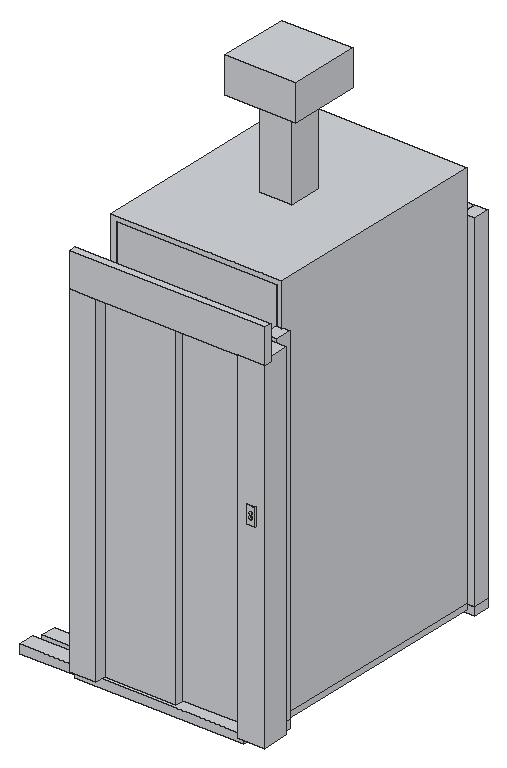
Revit family "Elevador - Entrada frontal e posterior", category Equipamento especial, Revit 2019 (continued)
Definition of nested family "Cabine do elevador - Entrada frontal e posterior"
  Automatic sketch dimensions
    Masking region 7 sketch curve to Masking region 7 sketch curve = 135.471 mm  (x2)
    Masking region 7 sketch curve to Masking region 7 sketch curve = 383.522 mm
    Masking region 7 sketch curve to Masking region 7 sketch curve = 194.943 mm
    Masking region 7 sketch curve to Masking region 7 sketch curve = 52.955 mm  (x2)
    Masking region 7 sketch curve to Masking region 7 sketch curve = 81.283 mm
    Masking region 7 sketch curve to Masking region 7 sketch curve = 230.301 mm
    Masking region 7 sketch curve to Masking region 7 sketch curve = 94.83 mm  (x2)
    Masking region 7 sketch curve to Masking region 7 sketch curve = 13.548 mm
    Masking region 7 sketch curve to Masking region 7 sketch curve = 27.067 mm
    Masking region 7 sketch curve to Masking region 7 sketch curve = 28.952 mm
    Masking region 7 sketch curve to Masking region 7 sketch curve = 67.669 mm  (x4)
    Masking region 7 sketch curve to Masking region 7 sketch curve = 65.785 mm
    Masking region 7 sketch curve to Masking region 7 sketch curve = 40.601 mm  (x2)
    Masking region 7 sketch curve to Masking region 7 sketch curve = 54.135 mm  (x2)
    Masking region 7 sketch curve to Masking region 7 sketch curve = 135.338 mm
    Masking region 7 sketch curve to Masking region 7 sketch curve = 108.27 mm
    Masking region 7 sketch curve to Masking region 7 sketch curve = 351.878 mm
    Masking region 7 sketch curve to Masking region 7 sketch curve = 189.472 mm
    Masking region 7 sketch curve to Masking region 7 sketch curve = 175.939 mm
    Masking region 9 sketch curve to Masking region 9 sketch curve = 162.566 mm
    Masking region 9 sketch curve to Masking region 9 sketch curve = 108.27 mm
    Masking region 9 sketch curve to Masking region 9 sketch curve = 135.338 mm  (x2)
    Masking region 9 sketch curve to Masking region 9 sketch curve = 291.873 mm
    Masking region 9 sketch curve to Masking region 9 sketch curve = 297.743 mm
    Masking region 9 sketch curve to Masking region 9 sketch curve = 129.308 mm
    Masking region 7 sketch curve to Masking region 7 sketch curve = 581.952 mm
    Masking region 10 sketch curve to Masking region 10 sketch curve = 108.27 mm
    Masking region 7 sketch curve to Masking region 7 sketch curve = 1017.268 mm
    Masking region 10 sketch curve to Masking region 10 sketch curve = 162.566 mm
    Masking region 9 sketch curve to Masking region 9 sketch curve = 435.597 mm
    Masking region 9 sketch curve to Masking region 9 sketch curve = 214.119 mm  (x2)
    Masking region 9 sketch curve to Masking region 9 sketch curve = 446.614 mm
    Masking region 9 sketch curve to Masking region 9 sketch curve = 123.546 mm
    Masking region 9 sketch curve to Masking region 9 sketch curve = 89.555 mm  (x2)
    Masking region 9 sketch curve to Masking region 9 sketch curve = 176.543 mm
    Masking region 9 sketch curve to Masking region 9 sketch curve = 0 mm
    Masking region 9 sketch curve to Masking region 9 sketch curve = 245.082 mm
    Masking region 9 sketch curve to Masking region 9 sketch curve = 93.557 mm
    Masking region 9 sketch curve to Masking region 9 sketch curve = 26.54 mm
    Masking region 9 sketch curve to Masking region 9 sketch curve = 209.756 mm
    Masking region 14 sketch curve to Masking region 14 sketch curve = 259 mm
    Masking region 14 sketch curve to Masking region 14 sketch curve = 1086 mm
    Masking region 15 sketch curve to Masking region 15 sketch curve = 259 mm
    Masking region 15 sketch curve to Masking region 15 sketch curve = 1086 mm
    curve 181 to plane 41 = 0 mm
    plane 53 to curve 169 = 0 mm
    curve 107 to plane 21 = 307.807 mm
    plane 56 to curve 167 = 0.867 mm
    plane 56 to curve 168 = 0.867 mm
    curve 29 to plane 13 = 0 mm
    curve 21 to plane 8 = 0 mm
    Masking region 16 sketch curve to Masking region 16 sketch curve = 8 mm
    Masking region 16 sketch curve to Masking region 16 sketch curve = 0 mm  (x5)
    Masking region 16 sketch curve to Masking region 16 sketch curve = 27 mm  (x3)
    Masking region 16 sketch curve to Masking region 16 sketch curve = 32.65 mm
    Masking region 16 sketch curve to Masking region 16 sketch curve = 30 mm
    Masking region 16 sketch curve to Masking region 16 sketch curve = 9.35 mm  (x2)
    Masking region 16 sketch curve to Masking region 16 sketch curve = 9 mm  (x3)
    Masking region 16 sketch curve to Masking region 16 sketch curve = 5 mm  (x2)
    Masking region 16 sketch curve to Masking region 16 sketch curve = 8.5 mm  (x2)
    Masking region 16 sketch curve to Masking region 16 sketch curve = 17.5 mm
    Masking region 16 sketch curve to Masking region 16 sketch curve = 30.5 mm  (x2)
    Masking region 16 sketch curve to Masking region 16 sketch curve = 6 mm  (x2)
    Masking region 16 sketch curve to Masking region 16 sketch curve = 36.5 mm
    Masking region 17 sketch curve to Masking region 17 sketch curve = 5 mm  (x2)
    Masking region 17 sketch curve to Masking region 17 sketch curve = 8.5 mm  (x2)
    Masking region 17 sketch curve to Masking region 17 sketch curve = 17.5 mm
    Masking region 17 sketch curve to Masking region 17 sketch curve = 30.5 mm  (x2)
    Masking region 17 sketch curve to Masking region 17 sketch curve = 6 mm  (x2)
    Masking region 17 sketch curve to Masking region 17 sketch curve = 9 mm  (x3)
    Masking region 17 sketch curve to Masking region 17 sketch curve = 27 mm  (x3)
    Masking region 17 sketch curve to Masking region 17 sketch curve = 36.5 mm
    Masking region 17 sketch curve to Masking region 17 sketch curve = 0 mm  (x5)
    Masking region 17 sketch curve to Masking region 17 sketch curve = 8 mm
    Masking region 17 sketch curve to Masking region 17 sketch curve = 32.65 mm
    Masking region 17 sketch curve to Masking region 17 sketch curve = 30 mm
    Masking region 17 sketch curve to Masking region 17 sketch curve = 9.35 mm  (x2)
    Masking region 18 sketch curve to Masking region 18 sketch curve = 8 mm
    Masking region 18 sketch curve to Masking region 18 sketch curve = 0 mm  (x5)
    Masking region 18 sketch curve to Masking region 18 sketch curve = 27 mm  (x3)
    Masking region 18 sketch curve to Masking region 18 sketch curve = 32.65 mm
    Masking region 18 sketch curve to Masking region 18 sketch curve = 30 mm
    Masking region 18 sketch curve to Masking region 18 sketch curve = 9.35 mm  (x2)
    Masking region 18 sketch curve to Masking region 18 sketch curve = 9 mm  (x3)
    Masking region 18 sketch curve to Masking region 18 sketch curve = 5 mm  (x2)
    Masking region 18 sketch curve to Masking region 18 sketch curve = 8.5 mm  (x2)
    Masking region 18 sketch curve to Masking region 18 sketch curve = 17.5 mm
    Masking region 18 sketch curve to Masking region 18 sketch curve = 30.5 mm  (x2)
    Masking region 18 sketch curve to Masking region 18 sketch curve = 6 mm  (x2)
    Masking region 18 sketch curve to Masking region 18 sketch curve = 36.5 mm
    Masking region 19 sketch curve to Masking region 19 sketch curve = 5 mm  (x2)
    Masking region 19 sketch curve to Masking region 19 sketch curve = 8.5 mm  (x2)
    Masking region 19 sketch curve to Masking region 19 sketch curve = 17.5 mm
    Masking region 19 sketch curve to Masking region 19 sketch curve = 30.5 mm  (x2)
    Masking region 19 sketch curve to Masking region 19 sketch curve = 6 mm  (x2)
    Masking region 19 sketch curve to Masking region 19 sketch curve = 9 mm  (x3)
    Masking region 19 sketch curve to Masking region 19 sketch curve = 27 mm  (x3)
    Masking region 19 sketch curve to Masking region 19 sketch curve = 36.5 mm
    Masking region 19 sketch curve to Masking region 19 sketch curve = 0 mm  (x5)
    Masking region 19 sketch curve to Masking region 19 sketch curve = 8 mm
    Masking region 19 sketch curve to Masking region 19 sketch curve = 32.65 mm
    Masking region 19 sketch curve to Masking region 19 sketch curve = 30 mm
    Masking region 19 sketch curve to Masking region 19 sketch curve = 9.35 mm  (x2)
    Extrusion 5 sketch curve to plane 9 = 0 mm
    Extrusion 5 sketch curve to plane 10 = 0 mm
    Extrusion 5 sketch curve to plane 33 = 0 mm
    Extrusion 7 sketch curve to plane 9 = 0 mm
    Extrusion 7 sketch curve to level = 0 mm
    curve 186 to curve 200 = 26 mm
    curve 191 to curve 334 = 57.006 mm
    curve 189 to curve 332 = 57.006 mm
    curve 336 to curve 197 = 14.494 mm
    curve 197 to curve 337 = 14.506 mm
    curve 189 to curve 329 = 14.506 mm
    curve 336 to curve 199 = 6 mm
    curve 329 to curve 330 = 12 mm
    curve 337 to curve 338 = 12 mm
    curve 338 to curve 197 = 14.494 mm
    curve 193 to curve 341 = 14.506 mm
    curve 330 to curve 326 = 29 mm
    curve 335 to curve 201 = 35.994 mm
    curve 194 to curve 187 = 20 mm
    curve 187 to curve 184 = 50 mm
    curve 182 to curve 199 = 44.856 mm
    curve 184 to curve 188 = 50 mm
    curve 199 to curve 340 = 23.953 mm
    curve 334 to curve 340 = 7 mm
    curve 334 to curve 335 = 7 mm
    curve 188 to curve 192 = 47 mm
    curve 193 to curve 339 = 28 mm
    curve 338 to curve 197 = 12 mm
    curve 197 to curve 198 = 812 mm
    curve 198 to curve 331 = 12 mm
    curve 330 to curve 196 = 28 mm
    curve 189 to curve 332 = 21.191 mm
    curve 328 to curve 333 = 0 mm
    curve 328 to curve 326 = 7 mm
    curve 195 to curve 186 = 47 mm
    curve 330 to curve 199 = 55.605 mm
    curve 186 to curve 183 = 50 mm
    curve 206 to curve 220 = 26 mm
    curve 211 to curve 350 = 57.006 mm
    curve 209 to curve 348 = 57.006 mm
    curve 352 to curve 217 = 14.494 mm
    curve 217 to curve 353 = 14.506 mm
    curve 209 to curve 345 = 14.506 mm
    curve 352 to curve 219 = 6 mm
    curve 345 to curve 346 = 12 mm
    curve 353 to curve 354 = 12 mm
    curve 354 to curve 217 = 14.494 mm
    curve 213 to curve 357 = 14.506 mm
    curve 346 to curve 342 = 29 mm
    curve 351 to curve 221 = 35.994 mm
    curve 214 to curve 207 = 20 mm
    curve 207 to curve 204 = 50 mm
    curve 202 to curve 219 = 44.856 mm
    curve 204 to curve 208 = 50 mm
    curve 219 to curve 356 = 23.953 mm
    curve 350 to curve 356 = 7 mm
    curve 350 to curve 351 = 7 mm
    curve 208 to curve 212 = 47 mm
    curve 213 to curve 355 = 28 mm
    curve 354 to curve 217 = 12 mm
    curve 217 to curve 218 = 812 mm
    curve 218 to curve 347 = 12 mm
    curve 346 to curve 216 = 28 mm
    curve 209 to curve 348 = 21.191 mm
    curve 344 to curve 349 = 0 mm
    curve 344 to curve 342 = 7 mm
    curve 215 to curve 206 = 47 mm
    curve 346 to curve 219 = 55.605 mm
    curve 206 to curve 203 = 50 mm
    radius of Masking region 4 sketch curve = 365 mm
    radius of Masking region 8 sketch curve = 365 mm
Definition of nested family "Porta do elevador"
  Parameters (values of type "Porta do elevador")
    W1 [instance] = 0.5 * Largura da abertura da porta - 75 mm  # 475 mm
    Keynote = ""
    Material da moldura = none
    Largura da abertura da porta [instance] = 1100 mm
    Altura da abertura da porta [instance] = 2125 mm
    Material da porta = none
    Description = "Porta do elevador"
    Material do painel de controle = none
  Reference planes
    plane 1: y = 0
    plane 2 "Centro (Esquerda/Direita)": x = 125
    plane 3 "Parte posterior": y = 75
    plane 4: z = 0
    plane 5: x = -425
    plane 6: x = 675
    plane 7: z = 2125
    plane 8: x = -275
    plane 9: x = 525
    plane 10: y = 185
    plane 11: y = 95
    plane 12: y = 35
    plane 13: z = 1960
    plane 14: x = -750
    plane 15: z = -48
    plane 16: y = 165
    plane 17: y = 115
    plane 18: z = 1100
    plane 19: z = 1930
    plane 20: x = 600
  Forms (mm)
    Extrusion 1, solid, material <- "Material da moldura", detail levels coarse
      sketch origin (0, 0, 0) x (1, 0, 0) y (0, 1, 0)
        loop
          line (525, 185) -> (525, 35) -> (675, 35) -> (675, 185) -> (525, 185)
        loop
          line (-425, 95) -> (-425, 35) -> (-275, 35) -> (-275, 95) -> (-425, 95)
      from 0 to 1960
    Extrusion 2, solid, material <- "Material da moldura", detail levels coarse
      sketch origin (0, 75, 0) x (1, 0, 0) y (0, 0, 1)
        loop
          line (675, 2125) -> (-425, 2125) -> (-425, 1930) -> (675, 1930) -> (675, 2125)
      from 0 to 40
    Extrusion 3, solid, material <- "Material da porta"
      sketch origin (675, 185, 4000) x (1, 0, 0) y (0, 0, 1)
        loop
          line (-150, -2040) -> (-550, -2040) -> (-550, -4000) -> (-150, -4000) -> (-150, -2040)
      from 0 to 40
    Extrusion 4, solid, material <- "Material da porta"
      sketch origin (-750, 95, 4000) x (-1, 0, 0) y (0, 0, 1)
        loop
          line (-875, -2040) -> (-875, -4000) -> (-475, -4000) -> (-475, -2040) -> (-875, -2040)
      from 0 to 40
    Extrusion 5, solid, material <- "Material da moldura", detail levels medium+fine
      sketch origin (0, 0, 0) x (1, 0, 0) y (0, 1, 0)
        loop
          line (-750, 185) -> (-750, 95) -> (-425, 95) -> (-425, 75) -> (525, 75) -> (525, 185) -> (-750, 185)
      from -48 to 0
    Extrusion 6, solid, material <- "Material da moldura", detail levels medium+fine
      sketch origin (0, 0, 0) x (1, 0, 0) y (0, 1, 0)
        loop
          line (525, 185) -> (525, 35) -> (675, 35) -> (675, 185) -> (525, 185)
        loop
          line (-425, 95) -> (-425, 35) -> (-275, 35) -> (-275, 95) -> (-425, 95)
      from 0 to 1960
    Extrusion 7, solid, material <- "Material da moldura", detail levels medium+fine
      sketch origin (0, 75, 0) x (1, 0, 0) y (0, 0, 1)
        loop
          line (675, 2125) -> (-425, 2125) -> (-425, 1930) -> (675, 1930) -> (675, 2125)
      from 0 to 40
    Extrusion 8, void
      sketch origin (0, 0, 0) x (1, 0, 0) y (0, 1, 0)
        loop
          line (-425, 75) -> (-425, 35) -> (-275, 35) -> (-275, 75) -> (-425, 75)
        loop
          line (525, 75) -> (525, 35) -> (675, 35) -> (675, 75) -> (525, 75)
      from 1930 to 1960
  Cuts and joins
    Extrusion 8 cuts Extrusion 1
    joined: Extrusion 1, Extrusion 2
    Extrusion 8 cuts Extrusion 6
  Lines and regions (mm)
    Opening 1
      outline origin (-5000, -75, 0) x (1, 0, 0) y (0, 0, 1)
        loop
          line (5675, 2125) -> (4575, 2125) -> (4575, 0) -> (5675, 0) -> (5675, 2125)
    Masking region 1, detail levels medium+fine
      outline origin (0, 0, 0) x (1, 0, 0) y (0, 1, 0)
        loop
          line (-750, 185) -> (-750, 95) -> (-425, 95) -> (-425, 35) -> (-275, 35) -> (-275, 75) -> (525, 75) -> (525, 35) -> (675, 35) -> (675, 185) -> (-750, 185)
    Masking region 2, detail levels coarse
      outline origin (0, 0, 0) x (1, 0, 0) y (0, 1, 0)
        loop
          line (-425, 75) -> (-425, -75) -> (675, -75) -> (675, 75) -> (-425, 75)
    symbolic lines, detail levels medium+fine
      curve 1: line (-275, 135, 0) -> (125, 135, 0)
      curve 2: line (125, 135, 0) -> (125, 95, 0)
      curve 3: line (-275, 95, 0) -> (125, 95, 0)
      curve 4: line (-275, 95, 0) -> (-275, 135, 0)
      curve 5: line (125, 145, 0) -> (525, 145, 0)
      curve 6: line (525, 185, 0) -> (125, 185, 0)
      curve 7: line (125, 185, 0) -> (125, 145, 0)
      curve 8: line (525, 185, 0) -> (675, 185, 0)
      curve 9: line (675, 185, 0) -> (675, 35, 0)
      curve 10: line (675, 35, 0) -> (525, 35, 0)
      curve 11: line (525, 35, 0) -> (525, 185, 0)
      curve 12: line (-275, 95, 0) -> (-425, 95, 0)
      curve 13: line (-425, 95, 0) -> (-425, 35, 0)
      curve 14: line (-425, 35, 0) -> (-275, 35, 0)
      curve 15: line (-275, 35, 0) -> (-275, 95, 0)
      curve 18: line (125, 185, 0) -> (-750, 185, 0)
      curve 19: line (-750, 185, 0) -> (-750, 95, 0)
      curve 20: line (-750, 95, 0) -> (-425, 95, 0)
      curve 21: line (-275, 75, 0) -> (525, 75, 0)
      curve 22: line (125, 95, 0) -> (525, 95, 0)
    symbolic lines, detail levels fine
      curve 16: line (125, 165, 0) -> (-750, 165, 0)
      curve 17: line (-275, 115, 0) -> (-750, 115, 0)
    symbolic lines, detail levels coarse
      curve 23: line (-425, 75, 0) -> (675, 75, 0)
      curve 24: line (675, -75, 0) -> (-425, -75, 0)
      curve 25: line (-425, 75, 0) -> (-425, -75, 0)
      curve 26: line (675, 75, 0) -> (675, -75, 0)
  Text (mm)
    text "Lado da colocação" at (-2597.77, 916.262, 0), in view "Nível de referência"
    text "Lado da colocação" at (0, 1605.175, 2923.955), in view "Esquerda"
    text "Lado da colocação" at (0, 595.982, 3004.978), in view "Direita"
  Dimensions and locks
    locked: plane 3 "Parte posterior" to host wall at 0
    locked: plane 4 to level
    equal spacing: plane 5, plane 2 "Centro (Esquerda/Direita)", plane 6
    "Largura da abertura da porta": plane 5 to plane 6
    "Altura da abertura da porta": plane 4 to plane 7
    locked: plane 3 "Parte posterior" to plane 10 at 110
    locked: plane 3 "Parte posterior" to plane 11 at 20
    locked: plane 12 to plane 3 "Parte posterior" at 40
    equal spacing: plane 8, plane 2 "Centro (Esquerda/Direita)", plane 9
    "W1": plane 14 to plane 8
    locked: plane 4 to plane 15 at 48
    locked: plane 16 to plane 10 at 20
    locked: plane 17 to plane 11 at 20
    locked: plane 18 to plane 4 at 1100
    locked: Extrusion 3 to plane 10 at 40
    locked: Extrusion 4 to plane 11 at 40
    locked: plane 5 to plane 8 at 150
    locked: plane 13 to plane 19 at 30
    equal spacing: plane 6, plane 20, plane 9
    locked: plane 7 to plane 13 at 165
    aligned and locked: plane 1 to host wall
    aligned and locked: Opening 1 sketch curve to level
    aligned and locked: Opening 1 sketch curve to plane 5
    aligned and locked: plane 7 to Opening 1 sketch curve
    aligned and locked: Opening 1 sketch curve to plane 6
    aligned and locked: Extrusion 1 sketch curve to plane 11
    aligned and locked: plane 8 to Extrusion 1 sketch curve
    aligned and locked: plane 12 to Extrusion 1 sketch curve  (x2)
    aligned and locked: plane 5 to Extrusion 1 sketch curve
    aligned and locked: plane 10 to Extrusion 1 sketch curve
    aligned and locked: Extrusion 1 sketch curve to plane 6
    aligned and locked: plane 9 to Extrusion 1 sketch curve
    aligned and locked: Extrusion 2 sketch curve to host wall
    aligned and locked: host wall to Extrusion 2 sketch curve
    aligned and locked: Extrusion 2 sketch curve to Extrusion 1
    aligned and locked: plane 13 to Extrusion 3 sketch curve
    aligned and locked: plane 9 to Extrusion 3 sketch curve
    aligned and locked: Extrusion 3 sketch curve to level
    aligned and locked: Extrusion 3 sketch curve to plane 2 "Centro (Esquerda/Direita)"
    aligned and locked: Extrusion 3 to plane 10
    aligned and locked: Extrusion 3 to Extrusion 4 sketch curve
    aligned and locked: Extrusion 4 sketch curve to Extrusion 3
    aligned and locked: cut or joined group of Extrusion 1, Extrusion 2, Extrusion 8 to Extrusion 4 sketch curve
    aligned and locked: Extrusion 4 sketch curve to cut or joined group of Extrusion 1, Extrusion 2, Extrusion 8
    aligned and locked: plane 9 to Extrusion 5 sketch curve
    aligned and locked: plane 4 to Extrusion 5
    aligned and locked: Extrusion 5 to plane 15
    aligned and locked: plane 14 to Masking region 1 sketch curve
    aligned and locked: Masking region 1 sketch curve to plane 10
    aligned and locked: plane 6 to Masking region 1 sketch curve
    aligned and locked: Masking region 1 sketch curve to plane 11
    aligned and locked: Masking region 1 sketch curve to plane 5
    aligned and locked: Masking region 1 sketch curve to plane 12
    aligned and locked: Masking region 1 sketch curve to plane 8
    aligned and locked: plane 3 "Parte posterior" to Masking region 1 sketch curve
    aligned and locked: Masking region 1 sketch curve to plane 9
    aligned and locked: plane 14 to curve 19
    aligned and locked: curve 20 to plane 11
    aligned and locked: curve 3 to plane 11
    aligned and locked: curve 22 to plane 11
    aligned and locked: curve 18 to plane 10
    aligned and locked: plane 10 to curve 8
    aligned and locked: curve 13 to plane 5
    aligned and locked: curve 15 to plane 8
    aligned and locked: curve 2 to plane 2 "Centro (Esquerda/Direita)"
    aligned and locked: curve 7 to plane 2 "Centro (Esquerda/Direita)"
    aligned and locked: plane 9 to curve 11
    aligned and locked: curve 9 to plane 6
    aligned and locked: curve 4 to plane 8
    aligned and locked: curve 14 to plane 12
    aligned and locked: plane 3 "Parte posterior" to curve 21
    aligned and locked: plane 16 to curve 16
    aligned and locked: plane 17 to curve 17
    aligned and locked: plane 12 to curve 10
    aligned and locked: plane 3 "Parte posterior" to curve 23
    aligned and locked: curve 24 to host wall
    aligned and locked: Masking region 2 sketch curve to host wall  (x2)
    aligned and locked: Masking region 2 sketch curve to curve 24
    aligned and locked: Extrusion 6 sketch curve to Extrusion 5
    aligned and locked: Extrusion 6 sketch curve to curve 11
    aligned and locked: Extrusion 6 sketch curve to curve 9
    aligned and locked: curve 20 to Extrusion 6 sketch curve
    aligned and locked: Extrusion 6 sketch curve to curve 13
    aligned and locked: Extrusion 6 sketch curve to curve 14
    aligned and locked: Extrusion 6 sketch curve to curve 15
    aligned and locked: Extrusion 7 sketch curve to host wall
    aligned and locked: host wall to Extrusion 7 sketch curve
    aligned and locked: nested 1 to plane 18
    aligned and locked: plane 13 to Extrusion 6
    aligned and locked: plane 13 to Extrusion 1
    aligned and locked: Extrusion 7 to plane 19
    aligned and locked: Extrusion 2 to plane 19
    aligned and locked: Extrusion 8 sketch curve to cut or joined group of Extrusion 1, Extrusion 2, Extrusion 8  (x3)
    aligned and locked: Extrusion 8 sketch curve to host wall
    aligned and locked: Extrusion 8 sketch curve to curve 14
    aligned and locked: Extrusion 8 sketch curve to curve 15
    aligned and locked: Extrusion 5 to Extrusion 8 sketch curve
    aligned and locked: curve 9 to Extrusion 8 sketch curve
    aligned and locked: Extrusion 8 to Extrusion 1
    aligned and locked: Extrusion 8 to Extrusion 2
    aligned and locked: plane 20 to nested 1
    aligned and locked: curve 13 to curve 25
    aligned and locked: curve 9 to curve 26
  Automatic sketch dimensions
    plane 10 to Extrusion 5 sketch curve = 0 mm
    Extrusion 5 sketch curve to plane 14 = 0 mm
    Extrusion 5 sketch curve to host wall = 0 mm
    Extrusion 5 sketch curve to plane 5 = 0 mm
    Extrusion 5 sketch curve to plane 11 = 0 mm
    Masking region 1 sketch curve to plane 12 = 0 mm
    Extrusion 6 sketch curve to plane 12 = 0 mm
    Extrusion 7 sketch curve to plane 13 = 30 mm
    Masking region 2 sketch curve to host wall = 0 mm
    Extrusion 7 sketch curve to plane 5 = 0 mm
    Extrusion 2 sketch curve to plane 13 = 30 mm
    plane 17 to curve 2 = 20 mm
    curve 5 to plane 16 = 20 mm
  Nested families
    nested 1: "Painel de controle" at (600, 35, 1150) x (1, 0, 0) z (0, -1, 0), type "Painel de controle", detail levels fine
  Definition of nested family "Painel de controle"
    Parameters
      Material do painel = none
      Default Elevation = 1219.2 mm
      Assembly Code = ""
    Reference planes
      plane 1 "Centro (Frente/Trás)": y = 0
      plane 2: z = 0
      plane 3 "Centro (Esquerda/Direita)": x = 0
    Forms (mm)
      Extrusion 1, solid
        sketch origin (0, 0, 0) x (1, 0, 0) y (0, 1, 0)
          loop
            line (-1219.2, 1219.2) -> (-1219.2, -1219.2) -> (1219.2, -1219.2) -> (1219.2, 1219.2) -> (-1219.2, 1219.2)
        from 0 to -304.8
      Extrusion 2, solid, material <- "Material do painel"
        sketch origin (0, 0, 0) x (1, 0, 0) y (0, 1, 0)
          loop
            line (-25, 50) -> (-25, -50) -> (25, -50) -> (25, 50) -> (-25, 50)
        from 0 to 5
      Extrusion 3, solid, material <- "Material do painel"
        sketch origin (0, 0, 0) x (1, 0, 0) y (0, 1, 0)
          loop
            circle (0, 11.32) r 8.23
        from 0 to 6
      Extrusion 4, solid, material <- "Material do painel"
        sketch origin (0, 0, 0) x (1, 0, 0) y (0, 1, 0)
          loop
            circle (0, -11.32) r 8.23
        from 0 to 6
    Dimensions and locks
      aligned and locked: plane 2 to Extrusion 1
      aligned and locked: level to Extrusion 1
